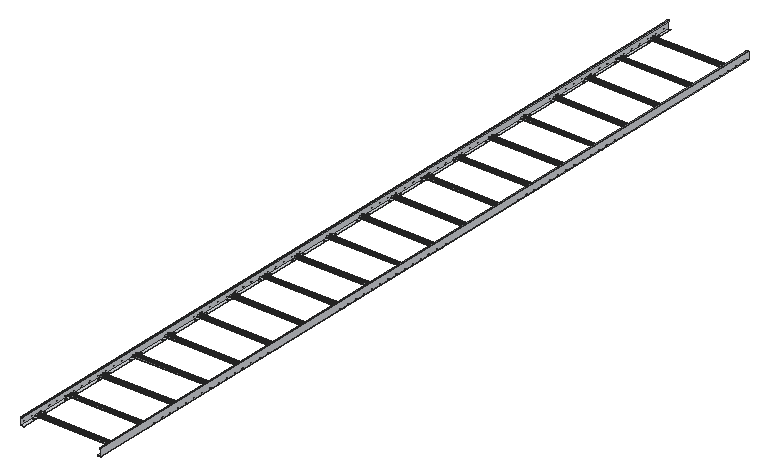
Revit family "Kabelleiter,Sprosse gelocht, geschweißt-LCIS 660 6 FS,FT,A2,A4", category Generic Models, Revit 2017 (continued)
Forms (mm)
  Extrusion 174, void
    sketch origin (0, 900, 0) x (1, 0, 0) y (0, 1, 0)
      loop
        arc (45.5, 157.475) -> (45.354, 157.828) -> (45, 157.975) r 0.5
        line (45, 157.975) -> (35, 157.975)
      loop
        arc (55, 157.975) -> (54.646, 157.828) -> (54.5, 157.475) r 0.5
        line (54.5, 157.475) -> (54.5, 142.515)
        arc (54.5, 142.515) -> (54.646, 142.162) -> (55, 142.015) r 0.5
        line (55, 142.015) -> (65, 142.015)
        arc (65, 142.015) -> (65.354, 142.162) -> (65.5, 142.515) r 0.5
        line (65.5, 142.515) -> (65.5, 157.475)
        arc (65.5, 157.475) -> (65.354, 157.828) -> (65, 157.975) r 0.5
        line (65, 157.975) -> (55, 157.975)
      loop
        arc (77, 157.975) -> (76.646, 157.828) -> (76.5, 157.475) r 0.5
        line (76.5, 157.475) -> (76.5, 142.515)
        arc (76.5, 142.515) -> (76.646, 142.162) -> (77, 142.015) r 0.5
        line (77, 142.015) -> (83, 142.015)
        arc (83, 142.015) -> (83.354, 142.162) -> (83.5, 142.515) r 0.5
        line (83.5, 142.515) -> (83.5, 157.475)
        arc (83.5, 157.475) -> (83.354, 157.828) -> (83, 157.975) r 0.5
        line (83, 157.975) -> (77, 157.975)
      loop
        arc (95, 157.975) -> (94.646, 157.828) -> (94.5, 157.475) r 0.5
        line (94.5, 157.475) -> (94.5, 142.515)
        arc (94.5, 142.515) -> (94.646, 142.162) -> (95, 142.015) r 0.5
        line (95, 142.015) -> (105, 142.015)
        arc (105, 142.015) -> (105.354, 142.162) -> (105.5, 142.515) r 0.5
        line (105.5, 142.515) -> (105.5, 157.475)
        arc (105.5, 157.475) -> (105.354, 157.828) -> (105, 157.975) r 0.5
        line (105, 157.975) -> (95, 157.975)
      loop
        arc (117, 157.975) -> (116.646, 157.828) -> (116.5, 157.475) r 0.5
        line (116.5, 157.475) -> (116.5, 142.515)
        arc (116.5, 142.515) -> (116.646, 142.162) -> (117, 142.015) r 0.5
        line (117, 142.015) -> (123, 142.015)
        arc (123, 142.015) -> (123.354, 142.162) -> (123.5, 142.515) r 0.5
        line (123.5, 142.515) -> (123.5, 157.475)
        arc (123.5, 157.475) -> (123.354, 157.828) -> (123, 157.975) r 0.5
        line (123, 157.975) -> (117, 157.975)
      loop
        arc (135, 157.975) -> (134.646, 157.828) -> (134.5, 157.475) r 0.5
        line (134.5, 157.475) -> (134.5, 142.545)
        arc (134.5, 142.545) -> (134.655, 142.17) -> (135.03, 142.015) r 0.53
        line (135.03, 142.015) -> (145, 142.015)
        arc (145, 142.015) -> (145.354, 142.162) -> (145.5, 142.515) r 0.5
        line (145.5, 142.515) -> (145.5, 157.475)
        arc (145.5, 157.475) -> (145.354, 157.828) -> (145, 157.975) r 0.5
        line (145, 157.975) -> (135, 157.975)
      loop
        arc (255.5, 148.475) -> (260, 143.975) -> (264.5, 148.475) r 4.5
        line (264.5, 148.475) -> (264.5, 151.475)
        arc (264.5, 151.475) -> (260, 155.975) -> (255.5, 151.475) r 4.5
        line (255.5, 151.475) -> (255.5, 148.475)
      loop
        arc (234.5, 142.515) -> (234.646, 142.162) -> (235, 142.015) r 0.5
        line (235, 142.015) -> (245, 142.015)
        arc (245, 142.015) -> (245.354, 142.162) -> (245.5, 142.515) r 0.5
        line (245.5, 142.515) -> (245.5, 157.475)
        arc (245.5, 157.475) -> (245.354, 157.828) -> (245, 157.975) r 0.5
        line (245, 157.975) -> (235, 157.975)
        arc (235, 157.975) -> (234.646, 157.828) -> (234.5, 157.475) r 0.5
        line (234.5, 157.475) -> (234.5, 142.515)
      loop
        arc (217, 157.975) -> (216.646, 157.828) -> (216.5, 157.475) r 0.5
        line (216.5, 157.475) -> (216.5, 142.529)
        arc (216.5, 142.529) -> (216.65, 142.166) -> (217.013, 142.015) r 0.513
        line (217.013, 142.015) -> (223, 142.015)
        arc (223, 142.015) -> (223.354, 142.162) -> (223.5, 142.515) r 0.5
        line (223.5, 142.515) -> (223.5, 157.475)
        arc (223.5, 157.475) -> (223.354, 157.828) -> (223, 157.975) r 0.5
        line (223, 157.975) -> (217, 157.975)
      loop
        arc (195, 157.975) -> (194.646, 157.828) -> (194.5, 157.475) r 0.5
        line (194.5, 157.475) -> (194.5, 142.515)
        arc (194.5, 142.515) -> (194.646, 142.162) -> (195, 142.015) r 0.5
        line (195, 142.015) -> (205, 142.015)
        arc (205, 142.015) -> (205.354, 142.162) -> (205.5, 142.515) r 0.5
        line (205.5, 142.515) -> (205.5, 157.475)
        arc (205.5, 157.475) -> (205.354, 157.828) -> (205, 157.975) r 0.5
        line (205, 157.975) -> (195, 157.975)
      loop
        arc (177, 157.975) -> (176.646, 157.828) -> (176.5, 157.475) r 0.5
        line (176.5, 157.475) -> (176.5, 142.515)
        arc (176.5, 142.515) -> (176.646, 142.162) -> (177, 142.015) r 0.5
        line (177, 142.015) -> (183, 142.015)
        arc (183, 142.015) -> (183.354, 142.162) -> (183.5, 142.515) r 0.5
        line (183.5, 142.515) -> (183.5, 157.475)
        arc (183.5, 157.475) -> (183.354, 157.828) -> (183, 157.975) r 0.5
        line (183, 157.975) -> (177, 157.975)
      loop
        arc (155, 157.975) -> (154.646, 157.828) -> (154.5, 157.475) r 0.5
        line (154.5, 157.475) -> (154.5, 142.015)
        arc (154.5, 142.015) -> (154.646, 141.662) -> (155, 141.515) r 0.5
        line (155, 141.515) -> (165, 141.515)
        arc (165, 141.515) -> (165.354, 141.662) -> (165.5, 142.015) r 0.5
        line (165.5, 142.015) -> (165.5, 157.475)
        arc (165.5, 157.475) -> (165.354, 157.828) -> (165, 157.975) r 0.5
        line (165, 157.975) -> (155, 157.975)
    from 1.441 to 2.93
  Extrusion 175, solid, material "Stainless steel, A4" <- "Material"
    sketch origin (0, 1200, 0) x (0, 1, 0) y (0, 0, 1)
      loop
        line (141.515, 14) -> (135.3, 14)
        arc (135.3, 14) -> (133.32, 13.18) -> (132.5, 11.2) r 2.8
        line (132.5, 11.2) -> (132.5, 4.23)
        arc (132.5, 4.23) -> (133.32, 2.25) -> (135.3, 1.43) r 2.8
        line (135.3, 1.43) -> (157.968, 1.43) -> (164.7, 1.43)
        arc (164.7, 1.43) -> (166.68, 2.25) -> (167.5, 4.23) r 2.8
        line (167.5, 4.23) -> (167.5, 11.2)
        arc (167.5, 11.2) -> (166.68, 13.18) -> (164.7, 14) r 2.8
        line (164.7, 14) -> (158.475, 14) -> (158.475, 12.5) -> (164.5, 12.5)
        arc (164.5, 12.5) -> (165.561, 12.061) -> (166, 11) r 1.5
        line (166, 11) -> (166, 4.43)
        arc (166, 4.43) -> (165.561, 3.37) -> (164.5, 2.93) r 1.5
        line (164.5, 2.93) -> (157.968, 2.93) -> (135.5, 2.93)
        arc (135.5, 2.93) -> (134.439, 3.37) -> (134, 4.43) r 1.5
        line (134, 4.43) -> (134, 11)
        arc (134, 11) -> (134.439, 12.061) -> (135.5, 12.5) r 1.5
        line (135.5, 12.5) -> (141.515, 12.5) -> (141.515, 14)
    from -298.5 to 298.5
  Extrusion 176, void
    sketch origin (0, 1200, 0) x (1, 0, 0) y (0, 1, 0)
      loop
        arc (-264.5, 148.475) -> (-260, 143.975) -> (-255.5, 148.475) r 4.5
        line (-255.5, 148.475) -> (-255.5, 151.475)
        arc (-255.5, 151.475) -> (-260, 155.975) -> (-264.5, 151.475) r 4.5
        line (-264.5, 151.475) -> (-264.5, 148.475)
      loop
        arc (-244, 157.975) -> (-244.354, 157.828) -> (-244.5, 157.475) r 0.5
        line (-244.5, 157.475) -> (-244.5, 142.515)
        arc (-244.5, 142.515) -> (-244.354, 142.162) -> (-244, 142.015) r 0.5
        line (-244, 142.015) -> (-236, 142.015)
        arc (-236, 142.015) -> (-235.646, 142.162) -> (-235.5, 142.515) r 0.5
        line (-235.5, 142.515) -> (-235.5, 157.446)
        arc (-235.5, 157.446) -> (-235.655, 157.82) -> (-236.029, 157.975) r 0.529
        line (-236.029, 157.975) -> (-244, 157.975)
      loop
        arc (-222.967, 157.975) -> (-223.321, 157.828) -> (-223.467, 157.475) r 0.5
        line (-223.467, 157.475) -> (-223.467, 142.515)
        arc (-223.467, 142.515) -> (-223.321, 142.162) -> (-222.967, 142.015) r 0.5
        line (-222.967, 142.015) -> (-216.967, 142.015)
        arc (-216.967, 142.015) -> (-216.614, 142.162) -> (-216.467, 142.515) r 0.5
        line (-216.467, 142.515) -> (-216.467, 157.475)
        arc (-216.467, 157.475) -> (-216.614, 157.828) -> (-216.967, 157.975) r 0.5
        line (-216.967, 157.975) -> (-222.967, 157.975)
      loop
        arc (-205, 157.975) -> (-205.354, 157.828) -> (-205.5, 157.475) r 0.5
        line (-205.5, 157.475) -> (-205.5, 142.515)
        arc (-205.5, 142.515) -> (-205.354, 142.162) -> (-205, 142.015) r 0.5
        line (-205, 142.015) -> (-195, 142.015)
        arc (-195, 142.015) -> (-194.646, 142.162) -> (-194.5, 142.515) r 0.5
        line (-194.5, 142.515) -> (-194.5, 157.475)
        arc (-194.5, 157.475) -> (-194.646, 157.828) -> (-195, 157.975) r 0.5
        line (-195, 157.975) -> (-205, 157.975)
      loop
        arc (-183, 157.975) -> (-183.354, 157.828) -> (-183.5, 157.475) r 0.5
        line (-183.5, 157.475) -> (-183.5, 142.515)
        arc (-183.5, 142.515) -> (-183.354, 142.162) -> (-183, 142.015) r 0.5
        line (-183, 142.015) -> (-177, 142.015)
        arc (-177, 142.015) -> (-176.646, 142.162) -> (-176.5, 142.515) r 0.5
        line (-176.5, 142.515) -> (-176.5, 157.475)
        arc (-176.5, 157.475) -> (-176.646, 157.828) -> (-177, 157.975) r 0.5
        line (-177, 157.975) -> (-183, 157.975)
      loop
        arc (-165, 157.975) -> (-165.354, 157.828) -> (-165.5, 157.475) r 0.5
        line (-165.5, 157.475) -> (-165.5, 142.515)
        arc (-165.5, 142.515) -> (-165.354, 142.162) -> (-165, 142.015) r 0.5
        line (-165, 142.015) -> (-155, 142.015)
        arc (-155, 142.015) -> (-154.646, 142.162) -> (-154.5, 142.515) r 0.5
        line (-154.5, 142.515) -> (-154.5, 157.475)
        arc (-154.5, 157.475) -> (-154.646, 157.828) -> (-155, 157.975) r 0.5
        line (-155, 157.975) -> (-165, 157.975)
      loop
        arc (-145, 157.975) -> (-145.354, 157.828) -> (-145.5, 157.475) r 0.5
        line (-145.5, 157.475) -> (-145.5, 142.515)
        arc (-145.5, 142.515) -> (-145.354, 142.162) -> (-145, 142.015) r 0.5
        line (-145, 142.015) -> (-135, 142.015)
        arc (-135, 142.015) -> (-134.646, 142.162) -> (-134.5, 142.515) r 0.5
        line (-134.5, 142.515) -> (-134.5, 157.475)
        arc (-134.5, 157.475) -> (-134.646, 157.828) -> (-135, 157.975) r 0.5
        line (-135, 157.975) -> (-145, 157.975)
      loop
        arc (-122.979, 157.975) -> (-123.333, 157.828) -> (-123.479, 157.475) r 0.5
        line (-123.479, 157.475) -> (-123.479, 142.515)
        arc (-123.479, 142.515) -> (-123.333, 142.162) -> (-122.979, 142.015) r 0.5
        line (-122.979, 142.015) -> (-116.979, 142.015)
        arc (-116.979, 142.015) -> (-116.626, 142.162) -> (-116.479, 142.515) r 0.5
        line (-116.479, 142.515) -> (-116.479, 157.475)
        arc (-116.479, 157.475) -> (-116.626, 157.828) -> (-116.979, 157.975) r 0.5
        line (-116.979, 157.975) -> (-122.979, 157.975)
      loop
        arc (-105, 157.975) -> (-105.354, 157.828) -> (-105.5, 157.475) r 0.5
        line (-105.5, 157.475) -> (-105.5, 142.515)
        arc (-105.5, 142.515) -> (-105.354, 142.162) -> (-105, 142.015) r 0.5
        line (-105, 142.015) -> (-95, 142.015)
        arc (-95, 142.015) -> (-94.646, 142.162) -> (-94.5, 142.515) r 0.5
        line (-94.5, 142.515) -> (-94.5, 157.475)
        arc (-94.5, 157.475) -> (-94.646, 157.828) -> (-95, 157.975) r 0.5
        line (-95, 157.975) -> (-105, 157.975)
      loop
        arc (-83, 157.975) -> (-83.354, 157.828) -> (-83.5, 157.475) r 0.5
        line (-83.5, 157.475) -> (-83.5, 142.515)
        arc (-83.5, 142.515) -> (-83.354, 142.162) -> (-83, 142.015) r 0.5
        line (-83, 142.015) -> (-77, 142.015)
        arc (-77, 142.015) -> (-76.646, 142.162) -> (-76.5, 142.515) r 0.5
        line (-76.5, 142.515) -> (-76.5, 157.475)
        arc (-76.5, 157.475) -> (-76.646, 157.828) -> (-77, 157.975) r 0.5
        line (-77, 157.975) -> (-83, 157.975)
      loop
        arc (-65, 157.975) -> (-65.354, 157.828) -> (-65.5, 157.475) r 0.5
        line (-65.5, 157.475) -> (-65.5, 142.515)
        arc (-65.5, 142.515) -> (-65.354, 142.162) -> (-65, 142.015) r 0.5
        line (-65, 142.015) -> (-55, 142.015)
        arc (-55, 142.015) -> (-54.646, 142.162) -> (-54.5, 142.515) r 0.5
        line (-54.5, 142.515) -> (-54.5, 157.475)
        arc (-54.5, 157.475) -> (-54.646, 157.828) -> (-55, 157.975) r 0.5
        line (-55, 157.975) -> (-65, 157.975)
      loop
        arc (-45, 157.975) -> (-45.354, 157.828) -> (-45.5, 157.475) r 0.5
        line (-45.5, 157.475) -> (-45.5, 142.515)
        arc (-45.5, 142.515) -> (-45.354, 142.162) -> (-45, 142.015) r 0.5
        line (-45, 142.015) -> (-35, 142.015)
        arc (-35, 142.015) -> (-34.646, 142.162) -> (-34.5, 142.515) r 0.5
        line (-34.5, 142.515) -> (-34.5, 157.475)
        arc (-34.5, 157.475) -> (-34.646, 157.828) -> (-35, 157.975) r 0.5
        line (-35, 157.975) -> (-45, 157.975)
      loop
        arc (-23, 157.975) -> (-23.354, 157.828) -> (-23.5, 157.475) r 0.5
        line (-23.5, 157.475) -> (-23.5, 142.515)
        arc (-23.5, 142.515) -> (-23.354, 142.162) -> (-23, 142.015) r 0.5
        line (-23, 142.015) -> (-17, 142.015)
        arc (-17, 142.015) -> (-16.646, 142.162) -> (-16.5, 142.515) r 0.5
        line (-16.5, 142.515) -> (-16.5, 157.475)
        arc (-16.5, 157.475) -> (-16.646, 157.828) -> (-17, 157.975) r 0.5
        line (-17, 157.975) -> (-23, 157.975)
      loop
        arc (-5, 157.975) -> (-5.354, 157.828) -> (-5.5, 157.475) r 0.5
        line (-5.5, 157.475) -> (-5.5, 142.515)
        arc (-5.5, 142.515) -> (-5.354, 142.162) -> (-5, 142.015) r 0.5
        line (-5, 142.015) -> (5, 142.015)
        arc (5, 142.015) -> (5.354, 142.162) -> (5.5, 142.515) r 0.5
        line (5.5, 142.515) -> (5.5, 157.475)
        arc (5.5, 157.475) -> (5.354, 157.828) -> (5, 157.975) r 0.5
        line (5, 157.975) -> (-5, 157.975)
      loop
        arc (17.02, 157.975) -> (16.666, 157.828) -> (16.52, 157.475) r 0.5
        line (16.52, 157.475) -> (16.52, 142.515)
        arc (16.52, 142.515) -> (16.666, 142.162) -> (17.02, 142.015) r 0.5
        line (17.02, 142.015) -> (23.02, 142.015)
        arc (23.02, 142.015) -> (23.373, 142.162) -> (23.52, 142.515) r 0.5
        line (23.52, 142.515) -> (23.52, 157.475)
        arc (23.52, 157.475) -> (23.373, 157.828) -> (23.02, 157.975) r 0.5
        line (23.02, 157.975) -> (17.02, 157.975)
      loop
        arc (35, 157.975) -> (34.646, 157.828) -> (34.5, 157.475) r 0.5
        line (34.5, 157.475) -> (34.5, 142.515)
        arc (34.5, 142.515) -> (34.646, 142.162) -> (35, 142.015) r 0.5
        line (35, 142.015) -> (45, 142.015)
        arc (45, 142.015) -> (45.354, 142.162) -> (45.5, 142.515) r 0.5
        line (45.5, 142.515) -> (45.5, 157.475)
        arc (45.5, 157.475) -> (45.354, 157.828) -> (45, 157.975) r 0.5
        line (45, 157.975) -> (35, 157.975)
      loop
        arc (55, 157.975) -> (54.646, 157.828) -> (54.5, 157.475) r 0.5
        line (54.5, 157.475) -> (54.5, 142.515)
        arc (54.5, 142.515) -> (54.646, 142.162) -> (55, 142.015) r 0.5
        line (55, 142.015) -> (65, 142.015)
        arc (65, 142.015) -> (65.354, 142.162) -> (65.5, 142.515) r 0.5
        line (65.5, 142.515) -> (65.5, 157.475)
        arc (65.5, 157.475) -> (65.354, 157.828) -> (65, 157.975) r 0.5
        line (65, 157.975) -> (55, 157.975)
      loop
        arc (77, 157.975) -> (76.646, 157.828) -> (76.5, 157.475) r 0.5
        line (76.5, 157.475) -> (76.5, 142.515)
        arc (76.5, 142.515) -> (76.646, 142.162) -> (77, 142.015) r 0.5
        line (77, 142.015) -> (83, 142.015)
        arc (83, 142.015) -> (83.354, 142.162) -> (83.5, 142.515) r 0.5
        line (83.5, 142.515) -> (83.5, 157.475)
        arc (83.5, 157.475) -> (83.354, 157.828) -> (83, 157.975) r 0.5
        line (83, 157.975) -> (77, 157.975)
      loop
        arc (95, 157.975) -> (94.646, 157.828) -> (94.5, 157.475) r 0.5
        line (94.5, 157.475) -> (94.5, 142.515)
        arc (94.5, 142.515) -> (94.646, 142.162) -> (95, 142.015) r 0.5
        line (95, 142.015) -> (105, 142.015)
        arc (105, 142.015) -> (105.354, 142.162) -> (105.5, 142.515) r 0.5
        line (105.5, 142.515) -> (105.5, 157.475)
        arc (105.5, 157.475) -> (105.354, 157.828) -> (105, 157.975) r 0.5
        line (105, 157.975) -> (95, 157.975)
      loop
        arc (117, 157.975) -> (116.646, 157.828) -> (116.5, 157.475) r 0.5
        line (116.5, 157.475) -> (116.5, 142.515)
        arc (116.5, 142.515) -> (116.646, 142.162) -> (117, 142.015) r 0.5
        line (117, 142.015) -> (123, 142.015)
        arc (123, 142.015) -> (123.354, 142.162) -> (123.5, 142.515) r 0.5
        line (123.5, 142.515) -> (123.5, 157.475)
        arc (123.5, 157.475) -> (123.354, 157.828) -> (123, 157.975) r 0.5
        line (123, 157.975) -> (117, 157.975)
      loop
        arc (135, 157.975) -> (134.646, 157.828) -> (134.5, 157.475) r 0.5
        line (134.5, 157.475) -> (134.5, 142.545)
        arc (134.5, 142.545) -> (134.655, 142.17) -> (135.03, 142.015) r 0.53
        line (135.03, 142.015) -> (145, 142.015)
        arc (145, 142.015) -> (145.354, 142.162) -> (145.5, 142.515) r 0.5
        line (145.5, 142.515) -> (145.5, 157.475)
        arc (145.5, 157.475) -> (145.354, 157.828) -> (145, 157.975) r 0.5
        line (145, 157.975) -> (135, 157.975)
      loop
        arc (255.5, 148.475) -> (260, 143.975) -> (264.5, 148.475) r 4.5
        line (264.5, 148.475) -> (264.5, 151.475)
        arc (264.5, 151.475) -> (260, 155.975) -> (255.5, 151.475) r 4.5
        line (255.5, 151.475) -> (255.5, 148.475)
      loop
        arc (234.5, 142.515) -> (234.646, 142.162) -> (235, 142.015) r 0.5
        line (235, 142.015) -> (245, 142.015)
        arc (245, 142.015) -> (245.354, 142.162) -> (245.5, 142.515) r 0.5
        line (245.5, 142.515) -> (245.5, 157.475)
        arc (245.5, 157.475) -> (245.354, 157.828) -> (245, 157.975) r 0.5
        line (245, 157.975) -> (235, 157.975)
        arc (235, 157.975) -> (234.646, 157.828) -> (234.5, 157.475) r 0.5
        line (234.5, 157.475) -> (234.5, 142.515)
      loop
        arc (217, 157.975) -> (216.646, 157.828) -> (216.5, 157.475) r 0.5
        line (216.5, 157.475) -> (216.5, 142.529)
        arc (216.5, 142.529) -> (216.65, 142.166) -> (217.013, 142.015) r 0.513
        line (217.013, 142.015) -> (223, 142.015)
        arc (223, 142.015) -> (223.354, 142.162) -> (223.5, 142.515) r 0.5
        line (223.5, 142.515) -> (223.5, 157.475)
        arc (223.5, 157.475) -> (223.354, 157.828) -> (223, 157.975) r 0.5
        line (223, 157.975) -> (217, 157.975)
      loop
        arc (195, 157.975) -> (194.646, 157.828) -> (194.5, 157.475) r 0.5
        line (194.5, 157.475) -> (194.5, 142.515)
        arc (194.5, 142.515) -> (194.646, 142.162) -> (195, 142.015) r 0.5
        line (195, 142.015) -> (205, 142.015)
        arc (205, 142.015) -> (205.354, 142.162) -> (205.5, 142.515) r 0.5
        line (205.5, 142.515) -> (205.5, 157.475)
        arc (205.5, 157.475) -> (205.354, 157.828) -> (205, 157.975) r 0.5
        line (205, 157.975) -> (195, 157.975)
      loop
        arc (177, 157.975) -> (176.646, 157.828) -> (176.5, 157.475) r 0.5
        line (176.5, 157.475) -> (176.5, 142.515)
        arc (176.5, 142.515) -> (176.646, 142.162) -> (177, 142.015) r 0.5
        line (177, 142.015) -> (183, 142.015)
        arc (183, 142.015) -> (183.354, 142.162) -> (183.5, 142.515) r 0.5
        line (183.5, 142.515) -> (183.5, 157.475)
        arc (183.5, 157.475) -> (183.354, 157.828) -> (183, 157.975) r 0.5
        line (183, 157.975) -> (177, 157.975)
      loop
        arc (155, 157.975) -> (154.646, 157.828) -> (154.5, 157.475) r 0.5
        line (154.5, 157.475) -> (154.5, 142.015)
        arc (154.5, 142.015) -> (154.646, 141.662) -> (155, 141.515) r 0.5
        line (155, 141.515) -> (165, 141.515)
        arc (165, 141.515) -> (165.354, 141.662) -> (165.5, 142.015) r 0.5
        line (165.5, 142.015) -> (165.5, 157.475)
        arc (165.5, 157.475) -> (165.354, 157.828) -> (165, 157.975) r 0.5
        line (165, 157.975) -> (155, 157.975)
    from 1.441 to 2.93
  Extrusion 177, solid, material "Stainless steel, A4" <- "Material"
    sketch origin (0, 1500, 0) x (0, 1, 0) y (0, 0, 1)
      loop
        line (141.515, 14) -> (135.3, 14)
        arc (135.3, 14) -> (133.32, 13.18) -> (132.5, 11.2) r 2.8
        line (132.5, 11.2) -> (132.5, 4.23)
        arc (132.5, 4.23) -> (133.32, 2.25) -> (135.3, 1.43) r 2.8
        line (135.3, 1.43) -> (157.968, 1.43) -> (164.7, 1.43)
        arc (164.7, 1.43) -> (166.68, 2.25) -> (167.5, 4.23) r 2.8
        line (167.5, 4.23) -> (167.5, 11.2)
        arc (167.5, 11.2) -> (166.68, 13.18) -> (164.7, 14) r 2.8
        line (164.7, 14) -> (158.475, 14) -> (158.475, 12.5) -> (164.5, 12.5)
        arc (164.5, 12.5) -> (165.561, 12.061) -> (166, 11) r 1.5
        line (166, 11) -> (166, 4.43)
        arc (166, 4.43) -> (165.561, 3.37) -> (164.5, 2.93) r 1.5
        line (164.5, 2.93) -> (157.968, 2.93) -> (135.5, 2.93)
        arc (135.5, 2.93) -> (134.439, 3.37) -> (134, 4.43) r 1.5
        line (134, 4.43) -> (134, 11)
        arc (134, 11) -> (134.439, 12.061) -> (135.5, 12.5) r 1.5
        line (135.5, 12.5) -> (141.515, 12.5) -> (141.515, 14)
    from -298.5 to 298.5
  Extrusion 178, void
    sketch origin (0, 1500, 0) x (1, 0, 0) y (0, 1, 0)
      loop
        arc (-264.5, 148.475) -> (-260, 143.975) -> (-255.5, 148.475) r 4.5
        line (-255.5, 148.475) -> (-255.5, 151.475)
        arc (-255.5, 151.475) -> (-260, 155.975) -> (-264.5, 151.475) r 4.5
        line (-264.5, 151.475) -> (-264.5, 148.475)
      loop
        arc (-244, 157.975) -> (-244.354, 157.828) -> (-244.5, 157.475) r 0.5
        line (-244.5, 157.475) -> (-244.5, 142.515)
        arc (-244.5, 142.515) -> (-244.354, 142.162) -> (-244, 142.015) r 0.5
        line (-244, 142.015) -> (-236, 142.015)
        arc (-236, 142.015) -> (-235.646, 142.162) -> (-235.5, 142.515) r 0.5
        line (-235.5, 142.515) -> (-235.5, 157.446)
        arc (-235.5, 157.446) -> (-235.655, 157.82) -> (-236.029, 157.975) r 0.529
        line (-236.029, 157.975) -> (-244, 157.975)
      loop
        arc (-222.967, 157.975) -> (-223.321, 157.828) -> (-223.467, 157.475) r 0.5
        line (-223.467, 157.475) -> (-223.467, 142.515)
        arc (-223.467, 142.515) -> (-223.321, 142.162) -> (-222.967, 142.015) r 0.5
        line (-222.967, 142.015) -> (-216.967, 142.015)
        arc (-216.967, 142.015) -> (-216.614, 142.162) -> (-216.467, 142.515) r 0.5
        line (-216.467, 142.515) -> (-216.467, 157.475)
        arc (-216.467, 157.475) -> (-216.614, 157.828) -> (-216.967, 157.975) r 0.5
        line (-216.967, 157.975) -> (-222.967, 157.975)
      loop
        arc (-205, 157.975) -> (-205.354, 157.828) -> (-205.5, 157.475) r 0.5
        line (-205.5, 157.475) -> (-205.5, 142.515)
        arc (-205.5, 142.515) -> (-205.354, 142.162) -> (-205, 142.015) r 0.5
        line (-205, 142.015) -> (-195, 142.015)
        arc (-195, 142.015) -> (-194.646, 142.162) -> (-194.5, 142.515) r 0.5
        line (-194.5, 142.515) -> (-194.5, 157.475)
        arc (-194.5, 157.475) -> (-194.646, 157.828) -> (-195, 157.975) r 0.5
        line (-195, 157.975) -> (-205, 157.975)
      loop
        arc (-183, 157.975) -> (-183.354, 157.828) -> (-183.5, 157.475) r 0.5
        line (-183.5, 157.475) -> (-183.5, 142.515)
        arc (-183.5, 142.515) -> (-183.354, 142.162) -> (-183, 142.015) r 0.5
        line (-183, 142.015) -> (-177, 142.015)
        arc (-177, 142.015) -> (-176.646, 142.162) -> (-176.5, 142.515) r 0.5
        line (-176.5, 142.515) -> (-176.5, 157.475)
        arc (-176.5, 157.475) -> (-176.646, 157.828) -> (-177, 157.975) r 0.5
        line (-177, 157.975) -> (-183, 157.975)
      loop
        arc (-165, 157.975) -> (-165.354, 157.828) -> (-165.5, 157.475) r 0.5
        line (-165.5, 157.475) -> (-165.5, 142.515)
        arc (-165.5, 142.515) -> (-165.354, 142.162) -> (-165, 142.015) r 0.5
        line (-165, 142.015) -> (-155, 142.015)
        arc (-155, 142.015) -> (-154.646, 142.162) -> (-154.5, 142.515) r 0.5
        line (-154.5, 142.515) -> (-154.5, 157.475)
        arc (-154.5, 157.475) -> (-154.646, 157.828) -> (-155, 157.975) r 0.5
        line (-155, 157.975) -> (-165, 157.975)
      loop
        arc (-145, 157.975) -> (-145.354, 157.828) -> (-145.5, 157.475) r 0.5
        line (-145.5, 157.475) -> (-145.5, 142.515)
        arc (-145.5, 142.515) -> (-145.354, 142.162) -> (-145, 142.015) r 0.5
        line (-145, 142.015) -> (-135, 142.015)
        arc (-135, 142.015) -> (-134.646, 142.162) -> (-134.5, 142.515) r 0.5
        line (-134.5, 142.515) -> (-134.5, 157.475)
        arc (-134.5, 157.475) -> (-134.646, 157.828) -> (-135, 157.975) r 0.5
        line (-135, 157.975) -> (-145, 157.975)
      loop
        arc (-122.979, 157.975) -> (-123.333, 157.828) -> (-123.479, 157.475) r 0.5
        line (-123.479, 157.475) -> (-123.479, 142.515)
        arc (-123.479, 142.515) -> (-123.333, 142.162) -> (-122.979, 142.015) r 0.5
        line (-122.979, 142.015) -> (-116.979, 142.015)
        arc (-116.979, 142.015) -> (-116.626, 142.162) -> (-116.479, 142.515) r 0.5
        line (-116.479, 142.515) -> (-116.479, 157.475)
        arc (-116.479, 157.475) -> (-116.626, 157.828) -> (-116.979, 157.975) r 0.5
        line (-116.979, 157.975) -> (-122.979, 157.975)
      loop
        arc (-105, 157.975) -> (-105.354, 157.828) -> (-105.5, 157.475) r 0.5
        line (-105.5, 157.475) -> (-105.5, 142.515)
        arc (-105.5, 142.515) -> (-105.354, 142.162) -> (-105, 142.015) r 0.5
        line (-105, 142.015) -> (-95, 142.015)
        arc (-95, 142.015) -> (-94.646, 142.162) -> (-94.5, 142.515) r 0.5
        line (-94.5, 142.515) -> (-94.5, 157.475)
        arc (-94.5, 157.475) -> (-94.646, 157.828) -> (-95, 157.975) r 0.5
        line (-95, 157.975) -> (-105, 157.975)
      loop
        arc (-83, 157.975) -> (-83.354, 157.828) -> (-83.5, 157.475) r 0.5
        line (-83.5, 157.475) -> (-83.5, 142.515)
        arc (-83.5, 142.515) -> (-83.354, 142.162) -> (-83, 142.015) r 0.5
        line (-83, 142.015) -> (-77, 142.015)
        arc (-77, 142.015) -> (-76.646, 142.162) -> (-76.5, 142.515) r 0.5
        line (-76.5, 142.515) -> (-76.5, 157.475)
        arc (-76.5, 157.475) -> (-76.646, 157.828) -> (-77, 157.975) r 0.5
        line (-77, 157.975) -> (-83, 157.975)
      loop
        arc (-65, 157.975) -> (-65.354, 157.828) -> (-65.5, 157.475) r 0.5
        line (-65.5, 157.475) -> (-65.5, 142.515)
        arc (-65.5, 142.515) -> (-65.354, 142.162) -> (-65, 142.015) r 0.5
        line (-65, 142.015) -> (-55, 142.015)
        arc (-55, 142.015) -> (-54.646, 142.162) -> (-54.5, 142.515) r 0.5
        line (-54.5, 142.515) -> (-54.5, 157.475)
        arc (-54.5, 157.475) -> (-54.646, 157.828) -> (-55, 157.975) r 0.5
        line (-55, 157.975) -> (-65, 157.975)
      loop
        arc (-45, 157.975) -> (-45.354, 157.828) -> (-45.5, 157.475) r 0.5
        line (-45.5, 157.475) -> (-45.5, 142.515)
        arc (-45.5, 142.515) -> (-45.354, 142.162) -> (-45, 142.015) r 0.5
        line (-45, 142.015) -> (-35, 142.015)
        arc (-35, 142.015) -> (-34.646, 142.162) -> (-34.5, 142.515) r 0.5
        line (-34.5, 142.515) -> (-34.5, 157.475)
        arc (-34.5, 157.475) -> (-34.646, 157.828) -> (-35, 157.975) r 0.5
        line (-35, 157.975) -> (-45, 157.975)
      loop
        arc (-23, 157.975) -> (-23.354, 157.828) -> (-23.5, 157.475) r 0.5
        line (-23.5, 157.475) -> (-23.5, 142.515)
        arc (-23.5, 142.515) -> (-23.354, 142.162) -> (-23, 142.015) r 0.5
        line (-23, 142.015) -> (-17, 142.015)
        arc (-17, 142.015) -> (-16.646, 142.162) -> (-16.5, 142.515) r 0.5
        line (-16.5, 142.515) -> (-16.5, 157.475)
        arc (-16.5, 157.475) -> (-16.646, 157.828) -> (-17, 157.975) r 0.5
        line (-17, 157.975) -> (-23, 157.975)
      loop
        arc (-5, 157.975) -> (-5.354, 157.828) -> (-5.5, 157.475) r 0.5
        line (-5.5, 157.475) -> (-5.5, 142.515)
        arc (-5.5, 142.515) -> (-5.354, 142.162) -> (-5, 142.015) r 0.5
        line (-5, 142.015) -> (5, 142.015)
        arc (5, 142.015) -> (5.354, 142.162) -> (5.5, 142.515) r 0.5
        line (5.5, 142.515) -> (5.5, 157.475)
        arc (5.5, 157.475) -> (5.354, 157.828) -> (5, 157.975) r 0.5
        line (5, 157.975) -> (-5, 157.975)
      loop
        arc (17.02, 157.975) -> (16.666, 157.828) -> (16.52, 157.475) r 0.5
        line (16.52, 157.475) -> (16.52, 142.515)
        arc (16.52, 142.515) -> (16.666, 142.162) -> (17.02, 142.015) r 0.5
        line (17.02, 142.015) -> (23.02, 142.015)
        arc (23.02, 142.015) -> (23.373, 142.162) -> (23.52, 142.515) r 0.5
        line (23.52, 142.515) -> (23.52, 157.475)
        arc (23.52, 157.475) -> (23.373, 157.828) -> (23.02, 157.975) r 0.5
        line (23.02, 157.975) -> (17.02, 157.975)
      loop
        arc (35, 157.975) -> (34.646, 157.828) -> (34.5, 157.475) r 0.5
        line (34.5, 157.475) -> (34.5, 142.515)
        arc (34.5, 142.515) -> (34.646, 142.162) -> (35, 142.015) r 0.5
        line (35, 142.015) -> (45, 142.015)
        arc (45, 142.015) -> (45.354, 142.162) -> (45.5, 142.515) r 0.5
        line (45.5, 142.515) -> (45.5, 157.475)
        arc (45.5, 157.475) -> (45.354, 157.828) -> (45, 157.975) r 0.5
        line (45, 157.975) -> (35, 157.975)
      loop
        arc (55, 157.975) -> (54.646, 157.828) -> (54.5, 157.475) r 0.5
        line (54.5, 157.475) -> (54.5, 142.515)
        arc (54.5, 142.515) -> (54.646, 142.162) -> (55, 142.015) r 0.5
        line (55, 142.015) -> (65, 142.015)
        arc (65, 142.015) -> (65.354, 142.162) -> (65.5, 142.515) r 0.5
        line (65.5, 142.515) -> (65.5, 157.475)
        arc (65.5, 157.475) -> (65.354, 157.828) -> (65, 157.975) r 0.5
        line (65, 157.975) -> (55, 157.975)
      loop
        arc (77, 157.975) -> (76.646, 157.828) -> (76.5, 157.475) r 0.5
        line (76.5, 157.475) -> (76.5, 142.515)
        arc (76.5, 142.515) -> (76.646, 142.162) -> (77, 142.015) r 0.5
        line (77, 142.015) -> (83, 142.015)
        arc (83, 142.015) -> (83.354, 142.162) -> (83.5, 142.515) r 0.5
        line (83.5, 142.515) -> (83.5, 157.475)
        arc (83.5, 157.475) -> (83.354, 157.828) -> (83, 157.975) r 0.5
        line (83, 157.975) -> (77, 157.975)
      loop
        arc (95, 157.975) -> (94.646, 157.828) -> (94.5, 157.475) r 0.5
        line (94.5, 157.475) -> (94.5, 142.515)
        arc (94.5, 142.515) -> (94.646, 142.162) -> (95, 142.015) r 0.5
        line (95, 142.015) -> (105, 142.015)
        arc (105, 142.015) -> (105.354, 142.162) -> (105.5, 142.515) r 0.5
        line (105.5, 142.515) -> (105.5, 157.475)
        arc (105.5, 157.475) -> (105.354, 157.828) -> (105, 157.975) r 0.5
        line (105, 157.975) -> (95, 157.975)
      loop
        arc (117, 157.975) -> (116.646, 157.828) -> (116.5, 157.475) r 0.5
        line (116.5, 157.475) -> (116.5, 142.515)
        arc (116.5, 142.515) -> (116.646, 142.162) -> (117, 142.015) r 0.5
        line (117, 142.015) -> (123, 142.015)
        arc (123, 142.015) -> (123.354, 142.162) -> (123.5, 142.515) r 0.5
        line (123.5, 142.515) -> (123.5, 157.475)
        arc (123.5, 157.475) -> (123.354, 157.828) -> (123, 157.975) r 0.5
        line (123, 157.975) -> (117, 157.975)
      loop
        arc (135, 157.975) -> (134.646, 157.828) -> (134.5, 157.475) r 0.5
        line (134.5, 157.475) -> (134.5, 142.545)
        arc (134.5, 142.545) -> (134.655, 142.17) -> (135.03, 142.015) r 0.53
        line (135.03, 142.015) -> (145, 142.015)
        arc (145, 142.015) -> (145.354, 142.162) -> (145.5, 142.515) r 0.5
        line (145.5, 142.515) -> (145.5, 157.475)
        arc (145.5, 157.475) -> (145.354, 157.828) -> (145, 157.975) r 0.5
        line (145, 157.975) -> (135, 157.975)
      loop
        arc (255.5, 148.475) -> (260, 143.975) -> (264.5, 148.475) r 4.5
        line (264.5, 148.475) -> (264.5, 151.475)
        arc (264.5, 151.475) -> (260, 155.975) -> (255.5, 151.475) r 4.5
        line (255.5, 151.475) -> (255.5, 148.475)
      loop
        arc (234.5, 142.515) -> (234.646, 142.162) -> (235, 142.015) r 0.5
        line (235, 142.015) -> (245, 142.015)
        arc (245, 142.015) -> (245.354, 142.162) -> (245.5, 142.515) r 0.5
        line (245.5, 142.515) -> (245.5, 157.475)
        arc (245.5, 157.475) -> (245.354, 157.828) -> (245, 157.975) r 0.5
        line (245, 157.975) -> (235, 157.975)
        arc (235, 157.975) -> (234.646, 157.828) -> (234.5, 157.475) r 0.5
        line (234.5, 157.475) -> (234.5, 142.515)
      loop
        arc (217, 157.975) -> (216.646, 157.828) -> (216.5, 157.475) r 0.5
        line (216.5, 157.475) -> (216.5, 142.529)
        arc (216.5, 142.529) -> (216.65, 142.166) -> (217.013, 142.015) r 0.513
        line (217.013, 142.015) -> (223, 142.015)
        arc (223, 142.015) -> (223.354, 142.162) -> (223.5, 142.515) r 0.5
        line (223.5, 142.515) -> (223.5, 157.475)
        arc (223.5, 157.475) -> (223.354, 157.828) -> (223, 157.975) r 0.5
        line (223, 157.975) -> (217, 157.975)
      loop
        arc (195, 157.975) -> (194.646, 157.828) -> (194.5, 157.475) r 0.5
        line (194.5, 157.475) -> (194.5, 142.515)
        arc (194.5, 142.515) -> (194.646, 142.162) -> (195, 142.015) r 0.5
        line (195, 142.015) -> (205, 142.015)
        arc (205, 142.015) -> (205.354, 142.162) -> (205.5, 142.515) r 0.5
        line (205.5, 142.515) -> (205.5, 157.475)
        arc (205.5, 157.475) -> (205.354, 157.828) -> (205, 157.975) r 0.5
        line (205, 157.975) -> (195, 157.975)
      loop
        arc (177, 157.975) -> (176.646, 157.828) -> (176.5, 157.475) r 0.5
        line (176.5, 157.475) -> (176.5, 142.515)
        arc (176.5, 142.515) -> (176.646, 142.162) -> (177, 142.015) r 0.5
        line (177, 142.015) -> (183, 142.015)
        arc (183, 142.015) -> (183.354, 142.162) -> (183.5, 142.515) r 0.5
        line (183.5, 142.515) -> (183.5, 157.475)
        arc (183.5, 157.475) -> (183.354, 157.828) -> (183, 157.975) r 0.5
        line (183, 157.975) -> (177, 157.975)
      loop
        arc (155, 157.975) -> (154.646, 157.828) -> (154.5, 157.475) r 0.5
        line (154.5, 157.475) -> (154.5, 142.015)
        arc (154.5, 142.015) -> (154.646, 141.662) -> (155, 141.515) r 0.5
        line (155, 141.515) -> (165, 141.515)
        arc (165, 141.515) -> (165.354, 141.662) -> (165.5, 142.015) r 0.5
        line (165.5, 142.015) -> (165.5, 157.475)
        arc (165.5, 157.475) -> (165.354, 157.828) -> (165, 157.975) r 0.5
        line (165, 157.975) -> (155, 157.975)
    from 1.441 to 2.93
  Extrusion 179, solid, material "Stainless steel, A4" <- "Material"
    sketch origin (0, 1800, 0) x (0, 1, 0) y (0, 0, 1)
      loop
        line (141.515, 14) -> (135.3, 14)
        arc (135.3, 14) -> (133.32, 13.18) -> (132.5, 11.2) r 2.8
        line (132.5, 11.2) -> (132.5, 4.23)
        arc (132.5, 4.23) -> (133.32, 2.25) -> (135.3, 1.43) r 2.8
        line (135.3, 1.43) -> (157.968, 1.43) -> (164.7, 1.43)
        arc (164.7, 1.43) -> (166.68, 2.25) -> (167.5, 4.23) r 2.8
        line (167.5, 4.23) -> (167.5, 11.2)
        arc (167.5, 11.2) -> (166.68, 13.18) -> (164.7, 14) r 2.8
        line (164.7, 14) -> (158.475, 14) -> (158.475, 12.5) -> (164.5, 12.5)
        arc (164.5, 12.5) -> (165.561, 12.061) -> (166, 11) r 1.5
        line (166, 11) -> (166, 4.43)
        arc (166, 4.43) -> (165.561, 3.37) -> (164.5, 2.93) r 1.5
        line (164.5, 2.93) -> (157.968, 2.93) -> (135.5, 2.93)
        arc (135.5, 2.93) -> (134.439, 3.37) -> (134, 4.43) r 1.5
        line (134, 4.43) -> (134, 11)
        arc (134, 11) -> (134.439, 12.061) -> (135.5, 12.5) r 1.5
        line (135.5, 12.5) -> (141.515, 12.5) -> (141.515, 14)
    from -298.5 to 298.5
  Extrusion 180, void
    sketch origin (0, 1800, 0) x (1, 0, 0) y (0, 1, 0)
      loop
        arc (-264.5, 148.475) -> (-260, 143.975) -> (-255.5, 148.475) r 4.5
        line (-255.5, 148.475) -> (-255.5, 151.475)
        arc (-255.5, 151.475) -> (-260, 155.975) -> (-264.5, 151.475) r 4.5
        line (-264.5, 151.475) -> (-264.5, 148.475)
      loop
        arc (-244, 157.975) -> (-244.354, 157.828) -> (-244.5, 157.475) r 0.5
        line (-244.5, 157.475) -> (-244.5, 142.515)
        arc (-244.5, 142.515) -> (-244.354, 142.162) -> (-244, 142.015) r 0.5
        line (-244, 142.015) -> (-236, 142.015)
        arc (-236, 142.015) -> (-235.646, 142.162) -> (-235.5, 142.515) r 0.5
        line (-235.5, 142.515) -> (-235.5, 157.446)
        arc (-235.5, 157.446) -> (-235.655, 157.82) -> (-236.029, 157.975) r 0.529
        line (-236.029, 157.975) -> (-244, 157.975)
      loop
        arc (-222.967, 157.975) -> (-223.321, 157.828) -> (-223.467, 157.475) r 0.5
        line (-223.467, 157.475) -> (-223.467, 142.515)
        arc (-223.467, 142.515) -> (-223.321, 142.162) -> (-222.967, 142.015) r 0.5
        line (-222.967, 142.015) -> (-216.967, 142.015)
        arc (-216.967, 142.015) -> (-216.614, 142.162) -> (-216.467, 142.515) r 0.5
        line (-216.467, 142.515) -> (-216.467, 157.475)
        arc (-216.467, 157.475) -> (-216.614, 157.828) -> (-216.967, 157.975) r 0.5
        line (-216.967, 157.975) -> (-222.967, 157.975)
      loop
        arc (-205, 157.975) -> (-205.354, 157.828) -> (-205.5, 157.475) r 0.5
        line (-205.5, 157.475) -> (-205.5, 142.515)
        arc (-205.5, 142.515) -> (-205.354, 142.162) -> (-205, 142.015) r 0.5
        line (-205, 142.015) -> (-195, 142.015)
        arc (-195, 142.015) -> (-194.646, 142.162) -> (-194.5, 142.515) r 0.5
        line (-194.5, 142.515) -> (-194.5, 157.475)
        arc (-194.5, 157.475) -> (-194.646, 157.828) -> (-195, 157.975) r 0.5
        line (-195, 157.975) -> (-205, 157.975)
      loop
        arc (-183, 157.975) -> (-183.354, 157.828) -> (-183.5, 157.475) r 0.5
        line (-183.5, 157.475) -> (-183.5, 142.515)
        arc (-183.5, 142.515) -> (-183.354, 142.162) -> (-183, 142.015) r 0.5
        line (-183, 142.015) -> (-177, 142.015)
        arc (-177, 142.015) -> (-176.646, 142.162) -> (-176.5, 142.515) r 0.5
        line (-176.5, 142.515) -> (-176.5, 157.475)
        arc (-176.5, 157.475) -> (-176.646, 157.828) -> (-177, 157.975) r 0.5
        line (-177, 157.975) -> (-183, 157.975)
      loop
        arc (-165, 157.975) -> (-165.354, 157.828) -> (-165.5, 157.475) r 0.5
        line (-165.5, 157.475) -> (-165.5, 142.515)
        arc (-165.5, 142.515) -> (-165.354, 142.162) -> (-165, 142.015) r 0.5
        line (-165, 142.015) -> (-155, 142.015)
        arc (-155, 142.015) -> (-154.646, 142.162) -> (-154.5, 142.515) r 0.5
        line (-154.5, 142.515) -> (-154.5, 157.475)
        arc (-154.5, 157.475) -> (-154.646, 157.828) -> (-155, 157.975) r 0.5
        line (-155, 157.975) -> (-165, 157.975)
      loop
        arc (-145, 157.975) -> (-145.354, 157.828) -> (-145.5, 157.475) r 0.5
        line (-145.5, 157.475) -> (-145.5, 142.515)
        arc (-145.5, 142.515) -> (-145.354, 142.162) -> (-145, 142.015) r 0.5
        line (-145, 142.015) -> (-135, 142.015)
        arc (-135, 142.015) -> (-134.646, 142.162) -> (-134.5, 142.515) r 0.5
        line (-134.5, 142.515) -> (-134.5, 157.475)
        arc (-134.5, 157.475) -> (-134.646, 157.828) -> (-135, 157.975) r 0.5
        line (-135, 157.975) -> (-145, 157.975)
      loop
        arc (-122.979, 157.975) -> (-123.333, 157.828) -> (-123.479, 157.475) r 0.5
        line (-123.479, 157.475) -> (-123.479, 142.515)
        arc (-123.479, 142.515) -> (-123.333, 142.162) -> (-122.979, 142.015) r 0.5
        line (-122.979, 142.015) -> (-116.979, 142.015)
        arc (-116.979, 142.015) -> (-116.626, 142.162) -> (-116.479, 142.515) r 0.5
        line (-116.479, 142.515) -> (-116.479, 157.475)
        arc (-116.479, 157.475) -> (-116.626, 157.828) -> (-116.979, 157.975) r 0.5
        line (-116.979, 157.975) -> (-122.979, 157.975)
      loop
        arc (-105, 157.975) -> (-105.354, 157.828) -> (-105.5, 157.475) r 0.5
        line (-105.5, 157.475) -> (-105.5, 142.515)
        arc (-105.5, 142.515) -> (-105.354, 142.162) -> (-105, 142.015) r 0.5
        line (-105, 142.015) -> (-95, 142.015)
        arc (-95, 142.015) -> (-94.646, 142.162) -> (-94.5, 142.515) r 0.5
        line (-94.5, 142.515) -> (-94.5, 157.475)
        arc (-94.5, 157.475) -> (-94.646, 157.828) -> (-95, 157.975) r 0.5
        line (-95, 157.975) -> (-105, 157.975)
      loop
        arc (-83, 157.975) -> (-83.354, 157.828) -> (-83.5, 157.475) r 0.5
        line (-83.5, 157.475) -> (-83.5, 142.515)
        arc (-83.5, 142.515) -> (-83.354, 142.162) -> (-83, 142.015) r 0.5
        line (-83, 142.015) -> (-77, 142.015)
        arc (-77, 142.015) -> (-76.646, 142.162) -> (-76.5, 142.515) r 0.5
        line (-76.5, 142.515) -> (-76.5, 157.475)
        arc (-76.5, 157.475) -> (-76.646, 157.828) -> (-77, 157.975) r 0.5
        line (-77, 157.975) -> (-83, 157.975)
      loop
        arc (-65, 157.975) -> (-65.354, 157.828) -> (-65.5, 157.475) r 0.5
        line (-65.5, 157.475) -> (-65.5, 142.515)
        arc (-65.5, 142.515) -> (-65.354, 142.162) -> (-65, 142.015) r 0.5
        line (-65, 142.015) -> (-55, 142.015)
        arc (-55, 142.015) -> (-54.646, 142.162) -> (-54.5, 142.515) r 0.5
        line (-54.5, 142.515) -> (-54.5, 157.475)
        arc (-54.5, 157.475) -> (-54.646, 157.828) -> (-55, 157.975) r 0.5
        line (-55, 157.975) -> (-65, 157.975)
      loop
        arc (-45, 157.975) -> (-45.354, 157.828) -> (-45.5, 157.475) r 0.5
        line (-45.5, 157.475) -> (-45.5, 142.515)
        arc (-45.5, 142.515) -> (-45.354, 142.162) -> (-45, 142.015) r 0.5
        line (-45, 142.015) -> (-35, 142.015)
        arc (-35, 142.015) -> (-34.646, 142.162) -> (-34.5, 142.515) r 0.5
        line (-34.5, 142.515) -> (-34.5, 157.475)
        arc (-34.5, 157.475) -> (-34.646, 157.828) -> (-35, 157.975) r 0.5
        line (-35, 157.975) -> (-45, 157.975)
      loop
        arc (-23, 157.975) -> (-23.354, 157.828) -> (-23.5, 157.475) r 0.5
        line (-23.5, 157.475) -> (-23.5, 142.515)
        arc (-23.5, 142.515) -> (-23.354, 142.162) -> (-23, 142.015) r 0.5
        line (-23, 142.015) -> (-17, 142.015)
        arc (-17, 142.015) -> (-16.646, 142.162) -> (-16.5, 142.515) r 0.5
        line (-16.5, 142.515) -> (-16.5, 157.475)
        arc (-16.5, 157.475) -> (-16.646, 157.828) -> (-17, 157.975) r 0.5
        line (-17, 157.975) -> (-23, 157.975)
      loop
        arc (-5, 157.975) -> (-5.354, 157.828) -> (-5.5, 157.475) r 0.5
        line (-5.5, 157.475) -> (-5.5, 142.515)
        arc (-5.5, 142.515) -> (-5.354, 142.162) -> (-5, 142.015) r 0.5
        line (-5, 142.015) -> (5, 142.015)
        arc (5, 142.015) -> (5.354, 142.162) -> (5.5, 142.515) r 0.5
        line (5.5, 142.515) -> (5.5, 157.475)
        arc (5.5, 157.475) -> (5.354, 157.828) -> (5, 157.975) r 0.5
        line (5, 157.975) -> (-5, 157.975)
      loop
        arc (17.02, 157.975) -> (16.666, 157.828) -> (16.52, 157.475) r 0.5
        line (16.52, 157.475) -> (16.52, 142.515)
        arc (16.52, 142.515) -> (16.666, 142.162) -> (17.02, 142.015) r 0.5
        line (17.02, 142.015) -> (23.02, 142.015)
        arc (23.02, 142.015) -> (23.373, 142.162) -> (23.52, 142.515) r 0.5
        line (23.52, 142.515) -> (23.52, 157.475)
        arc (23.52, 157.475) -> (23.373, 157.828) -> (23.02, 157.975) r 0.5
        line (23.02, 157.975) -> (17.02, 157.975)
      loop
        arc (35, 157.975) -> (34.646, 157.828) -> (34.5, 157.475) r 0.5
        line (34.5, 157.475) -> (34.5, 142.515)
        arc (34.5, 142.515) -> (34.646, 142.162) -> (35, 142.015) r 0.5
        line (35, 142.015) -> (45, 142.015)
        arc (45, 142.015) -> (45.354, 142.162) -> (45.5, 142.515) r 0.5
        line (45.5, 142.515) -> (45.5, 157.475)
        arc (45.5, 157.475) -> (45.354, 157.828) -> (45, 157.975) r 0.5
        line (45, 157.975) -> (35, 157.975)
      loop
        arc (55, 157.975) -> (54.646, 157.828) -> (54.5, 157.475) r 0.5
        line (54.5, 157.475) -> (54.5, 142.515)
        arc (54.5, 142.515) -> (54.646, 142.162) -> (55, 142.015) r 0.5
        line (55, 142.015) -> (65, 142.015)
        arc (65, 142.015) -> (65.354, 142.162) -> (65.5, 142.515) r 0.5
        line (65.5, 142.515) -> (65.5, 157.475)
        arc (65.5, 157.475) -> (65.354, 157.828) -> (65, 157.975) r 0.5
        line (65, 157.975) -> (55, 157.975)
      loop
        arc (77, 157.975) -> (76.646, 157.828) -> (76.5, 157.475) r 0.5
        line (76.5, 157.475) -> (76.5, 142.515)
        arc (76.5, 142.515) -> (76.646, 142.162) -> (77, 142.015) r 0.5
        line (77, 142.015) -> (83, 142.015)
        arc (83, 142.015) -> (83.354, 142.162) -> (83.5, 142.515) r 0.5
        line (83.5, 142.515) -> (83.5, 157.475)
        arc (83.5, 157.475) -> (83.354, 157.828) -> (83, 157.975) r 0.5
        line (83, 157.975) -> (77, 157.975)
      loop
        arc (95, 157.975) -> (94.646, 157.828) -> (94.5, 157.475) r 0.5
        line (94.5, 157.475) -> (94.5, 142.515)
        arc (94.5, 142.515) -> (94.646, 142.162) -> (95, 142.015) r 0.5
        line (95, 142.015) -> (105, 142.015)
        arc (105, 142.015) -> (105.354, 142.162) -> (105.5, 142.515) r 0.5
        line (105.5, 142.515) -> (105.5, 157.475)
        arc (105.5, 157.475) -> (105.354, 157.828) -> (105, 157.975) r 0.5
        line (105, 157.975) -> (95, 157.975)
      loop
        arc (117, 157.975) -> (116.646, 157.828) -> (116.5, 157.475) r 0.5
        line (116.5, 157.475) -> (116.5, 142.515)
        arc (116.5, 142.515) -> (116.646, 142.162) -> (117, 142.015) r 0.5
        line (117, 142.015) -> (123, 142.015)
        arc (123, 142.015) -> (123.354, 142.162) -> (123.5, 142.515) r 0.5
        line (123.5, 142.515) -> (123.5, 157.475)
        arc (123.5, 157.475) -> (123.354, 157.828) -> (123, 157.975) r 0.5
        line (123, 157.975) -> (117, 157.975)
      loop
        arc (135, 157.975) -> (134.646, 157.828) -> (134.5, 157.475) r 0.5
        line (134.5, 157.475) -> (134.5, 142.545)
        arc (134.5, 142.545) -> (134.655, 142.17) -> (135.03, 142.015) r 0.53
        line (135.03, 142.015) -> (145, 142.015)
        arc (145, 142.015) -> (145.354, 142.162) -> (145.5, 142.515) r 0.5
        line (145.5, 142.515) -> (145.5, 157.475)
        arc (145.5, 157.475) -> (145.354, 157.828) -> (145, 157.975) r 0.5
        line (145, 157.975) -> (135, 157.975)
      loop
        arc (255.5, 148.475) -> (260, 143.975) -> (264.5, 148.475) r 4.5
        line (264.5, 148.475) -> (264.5, 151.475)
        arc (264.5, 151.475) -> (260, 155.975) -> (255.5, 151.475) r 4.5
        line (255.5, 151.475) -> (255.5, 148.475)
      loop
        arc (234.5, 142.515) -> (234.646, 142.162) -> (235, 142.015) r 0.5
        line (235, 142.015) -> (245, 142.015)
        arc (245, 142.015) -> (245.354, 142.162) -> (245.5, 142.515) r 0.5
        line (245.5, 142.515) -> (245.5, 157.475)
        arc (245.5, 157.475) -> (245.354, 157.828) -> (245, 157.975) r 0.5
        line (245, 157.975) -> (235, 157.975)
        arc (235, 157.975) -> (234.646, 157.828) -> (234.5, 157.475) r 0.5
        line (234.5, 157.475) -> (234.5, 142.515)
      loop
        arc (217, 157.975) -> (216.646, 157.828) -> (216.5, 157.475) r 0.5
        line (216.5, 157.475) -> (216.5, 142.529)
        arc (216.5, 142.529) -> (216.65, 142.166) -> (217.013, 142.015) r 0.513
        line (217.013, 142.015) -> (223, 142.015)
        arc (223, 142.015) -> (223.354, 142.162) -> (223.5, 142.515) r 0.5
        line (223.5, 142.515) -> (223.5, 157.475)
        arc (223.5, 157.475) -> (223.354, 157.828) -> (223, 157.975) r 0.5
        line (223, 157.975) -> (217, 157.975)
      loop
        arc (195, 157.975) -> (194.646, 157.828) -> (194.5, 157.475) r 0.5
        line (194.5, 157.475) -> (194.5, 142.515)
        arc (194.5, 142.515) -> (194.646, 142.162) -> (195, 142.015) r 0.5
        line (195, 142.015) -> (205, 142.015)
        arc (205, 142.015) -> (205.354, 142.162) -> (205.5, 142.515) r 0.5
        line (205.5, 142.515) -> (205.5, 157.475)
        arc (205.5, 157.475) -> (205.354, 157.828) -> (205, 157.975) r 0.5
        line (205, 157.975) -> (195, 157.975)
      loop
        arc (177, 157.975) -> (176.646, 157.828) -> (176.5, 157.475) r 0.5
        line (176.5, 157.475) -> (176.5, 142.515)
        arc (176.5, 142.515) -> (176.646, 142.162) -> (177, 142.015) r 0.5
        line (177, 142.015) -> (183, 142.015)
        arc (183, 142.015) -> (183.354, 142.162) -> (183.5, 142.515) r 0.5
        line (183.5, 142.515) -> (183.5, 157.475)
        arc (183.5, 157.475) -> (183.354, 157.828) -> (183, 157.975) r 0.5
        line (183, 157.975) -> (177, 157.975)
      loop
        arc (155, 157.975) -> (154.646, 157.828) -> (154.5, 157.475) r 0.5
        line (154.5, 157.475) -> (154.5, 142.015)
        arc (154.5, 142.015) -> (154.646, 141.662) -> (155, 141.515) r 0.5
        line (155, 141.515) -> (165, 141.515)
        arc (165, 141.515) -> (165.354, 141.662) -> (165.5, 142.015) r 0.5
        line (165.5, 142.015) -> (165.5, 157.475)
        arc (165.5, 157.475) -> (165.354, 157.828) -> (165, 157.975) r 0.5
        line (165, 157.975) -> (155, 157.975)
    from 1.441 to 2.93
  Extrusion 181, solid, material "Stainless steel, A4" <- "Material"
    sketch origin (0, 2100, 0) x (0, 1, 0) y (0, 0, 1)
      loop
        line (141.515, 14) -> (135.3, 14)
        arc (135.3, 14) -> (133.32, 13.18) -> (132.5, 11.2) r 2.8
        line (132.5, 11.2) -> (132.5, 4.23)
        arc (132.5, 4.23) -> (133.32, 2.25) -> (135.3, 1.43) r 2.8
        line (135.3, 1.43) -> (157.968, 1.43) -> (164.7, 1.43)
        arc (164.7, 1.43) -> (166.68, 2.25) -> (167.5, 4.23) r 2.8
        line (167.5, 4.23) -> (167.5, 11.2)
        arc (167.5, 11.2) -> (166.68, 13.18) -> (164.7, 14) r 2.8
        line (164.7, 14) -> (158.475, 14) -> (158.475, 12.5) -> (164.5, 12.5)
        arc (164.5, 12.5) -> (165.561, 12.061) -> (166, 11) r 1.5
        line (166, 11) -> (166, 4.43)
        arc (166, 4.43) -> (165.561, 3.37) -> (164.5, 2.93) r 1.5
        line (164.5, 2.93) -> (157.968, 2.93) -> (135.5, 2.93)
        arc (135.5, 2.93) -> (134.439, 3.37) -> (134, 4.43) r 1.5
        line (134, 4.43) -> (134, 11)
        arc (134, 11) -> (134.439, 12.061) -> (135.5, 12.5) r 1.5
        line (135.5, 12.5) -> (141.515, 12.5) -> (141.515, 14)
    from -298.5 to 298.5
  Extrusion 182, void
    sketch origin (0, 2100, 0) x (1, 0, 0) y (0, 1, 0)
      loop
        arc (-264.5, 148.475) -> (-260, 143.975) -> (-255.5, 148.475) r 4.5
        line (-255.5, 148.475) -> (-255.5, 151.475)
        arc (-255.5, 151.475) -> (-260, 155.975) -> (-264.5, 151.475) r 4.5
        line (-264.5, 151.475) -> (-264.5, 148.475)
      loop
        arc (-244, 157.975) -> (-244.354, 157.828) -> (-244.5, 157.475) r 0.5
        line (-244.5, 157.475) -> (-244.5, 142.515)
        arc (-244.5, 142.515) -> (-244.354, 142.162) -> (-244, 142.015) r 0.5
        line (-244, 142.015) -> (-236, 142.015)
        arc (-236, 142.015) -> (-235.646, 142.162) -> (-235.5, 142.515) r 0.5
        line (-235.5, 142.515) -> (-235.5, 157.446)
        arc (-235.5, 157.446) -> (-235.655, 157.82) -> (-236.029, 157.975) r 0.529
        line (-236.029, 157.975) -> (-244, 157.975)
      loop
        arc (-222.967, 157.975) -> (-223.321, 157.828) -> (-223.467, 157.475) r 0.5
        line (-223.467, 157.475) -> (-223.467, 142.515)
        arc (-223.467, 142.515) -> (-223.321, 142.162) -> (-222.967, 142.015) r 0.5
        line (-222.967, 142.015) -> (-216.967, 142.015)
        arc (-216.967, 142.015) -> (-216.614, 142.162) -> (-216.467, 142.515) r 0.5
        line (-216.467, 142.515) -> (-216.467, 157.475)
        arc (-216.467, 157.475) -> (-216.614, 157.828) -> (-216.967, 157.975) r 0.5
        line (-216.967, 157.975) -> (-222.967, 157.975)
      loop
        arc (-205, 157.975) -> (-205.354, 157.828) -> (-205.5, 157.475) r 0.5
        line (-205.5, 157.475) -> (-205.5, 142.515)
        arc (-205.5, 142.515) -> (-205.354, 142.162) -> (-205, 142.015) r 0.5
        line (-205, 142.015) -> (-195, 142.015)
        arc (-195, 142.015) -> (-194.646, 142.162) -> (-194.5, 142.515) r 0.5
        line (-194.5, 142.515) -> (-194.5, 157.475)
        arc (-194.5, 157.475) -> (-194.646, 157.828) -> (-195, 157.975) r 0.5
        line (-195, 157.975) -> (-205, 157.975)
      loop
        arc (-183, 157.975) -> (-183.354, 157.828) -> (-183.5, 157.475) r 0.5
        line (-183.5, 157.475) -> (-183.5, 142.515)
        arc (-183.5, 142.515) -> (-183.354, 142.162) -> (-183, 142.015) r 0.5
        line (-183, 142.015) -> (-177, 142.015)
        arc (-177, 142.015) -> (-176.646, 142.162) -> (-176.5, 142.515) r 0.5
        line (-176.5, 142.515) -> (-176.5, 157.475)
        arc (-176.5, 157.475) -> (-176.646, 157.828) -> (-177, 157.975) r 0.5
        line (-177, 157.975) -> (-183, 157.975)
      loop
        arc (-165, 157.975) -> (-165.354, 157.828) -> (-165.5, 157.475) r 0.5
        line (-165.5, 157.475) -> (-165.5, 142.515)
        arc (-165.5, 142.515) -> (-165.354, 142.162) -> (-165, 142.015) r 0.5
        line (-165, 142.015) -> (-155, 142.015)
        arc (-155, 142.015) -> (-154.646, 142.162) -> (-154.5, 142.515) r 0.5
        line (-154.5, 142.515) -> (-154.5, 157.475)
        arc (-154.5, 157.475) -> (-154.646, 157.828) -> (-155, 157.975) r 0.5
        line (-155, 157.975) -> (-165, 157.975)
      loop
        arc (-145, 157.975) -> (-145.354, 157.828) -> (-145.5, 157.475) r 0.5
        line (-145.5, 157.475) -> (-145.5, 142.515)
        arc (-145.5, 142.515) -> (-145.354, 142.162) -> (-145, 142.015) r 0.5
        line (-145, 142.015) -> (-135, 142.015)
        arc (-135, 142.015) -> (-134.646, 142.162) -> (-134.5, 142.515) r 0.5
        line (-134.5, 142.515) -> (-134.5, 157.475)
        arc (-134.5, 157.475) -> (-134.646, 157.828) -> (-135, 157.975) r 0.5
        line (-135, 157.975) -> (-145, 157.975)
      loop
        arc (-122.979, 157.975) -> (-123.333, 157.828) -> (-123.479, 157.475) r 0.5
        line (-123.479, 157.475) -> (-123.479, 142.515)
        arc (-123.479, 142.515) -> (-123.333, 142.162) -> (-122.979, 142.015) r 0.5
        line (-122.979, 142.015) -> (-116.979, 142.015)
        arc (-116.979, 142.015) -> (-116.626, 142.162) -> (-116.479, 142.515) r 0.5
        line (-116.479, 142.515) -> (-116.479, 157.475)
        arc (-116.479, 157.475) -> (-116.626, 157.828) -> (-116.979, 157.975) r 0.5
        line (-116.979, 157.975) -> (-122.979, 157.975)
      loop
        arc (-105, 157.975) -> (-105.354, 157.828) -> (-105.5, 157.475) r 0.5
        line (-105.5, 157.475) -> (-105.5, 142.515)
        arc (-105.5, 142.515) -> (-105.354, 142.162) -> (-105, 142.015) r 0.5
        line (-105, 142.015) -> (-95, 142.015)
        arc (-95, 142.015) -> (-94.646, 142.162) -> (-94.5, 142.515) r 0.5
        line (-94.5, 142.515) -> (-94.5, 157.475)
        arc (-94.5, 157.475) -> (-94.646, 157.828) -> (-95, 157.975) r 0.5
        line (-95, 157.975) -> (-105, 157.975)
      loop
        arc (-83, 157.975) -> (-83.354, 157.828) -> (-83.5, 157.475) r 0.5
        line (-83.5, 157.475) -> (-83.5, 142.515)
        arc (-83.5, 142.515) -> (-83.354, 142.162) -> (-83, 142.015) r 0.5
        line (-83, 142.015) -> (-77, 142.015)
        arc (-77, 142.015) -> (-76.646, 142.162) -> (-76.5, 142.515) r 0.5
        line (-76.5, 142.515) -> (-76.5, 157.475)
        arc (-76.5, 157.475) -> (-76.646, 157.828) -> (-77, 157.975) r 0.5
        line (-77, 157.975) -> (-83, 157.975)
      loop
        arc (-65, 157.975) -> (-65.354, 157.828) -> (-65.5, 157.475) r 0.5
        line (-65.5, 157.475) -> (-65.5, 142.515)
        arc (-65.5, 142.515) -> (-65.354, 142.162) -> (-65, 142.015) r 0.5
        line (-65, 142.015) -> (-55, 142.015)
        arc (-55, 142.015) -> (-54.646, 142.162) -> (-54.5, 142.515) r 0.5
        line (-54.5, 142.515) -> (-54.5, 157.475)
        arc (-54.5, 157.475) -> (-54.646, 157.828) -> (-55, 157.975) r 0.5
        line (-55, 157.975) -> (-65, 157.975)
      loop
        arc (-45, 157.975) -> (-45.354, 157.828) -> (-45.5, 157.475) r 0.5
        line (-45.5, 157.475) -> (-45.5, 142.515)
        arc (-45.5, 142.515) -> (-45.354, 142.162) -> (-45, 142.015) r 0.5
        line (-45, 142.015) -> (-35, 142.015)
        arc (-35, 142.015) -> (-34.646, 142.162) -> (-34.5, 142.515) r 0.5
        line (-34.5, 142.515) -> (-34.5, 157.475)
        arc (-34.5, 157.475) -> (-34.646, 157.828) -> (-35, 157.975) r 0.5
        line (-35, 157.975) -> (-45, 157.975)
      loop
        arc (-23, 157.975) -> (-23.354, 157.828) -> (-23.5, 157.475) r 0.5
        line (-23.5, 157.475) -> (-23.5, 142.515)
